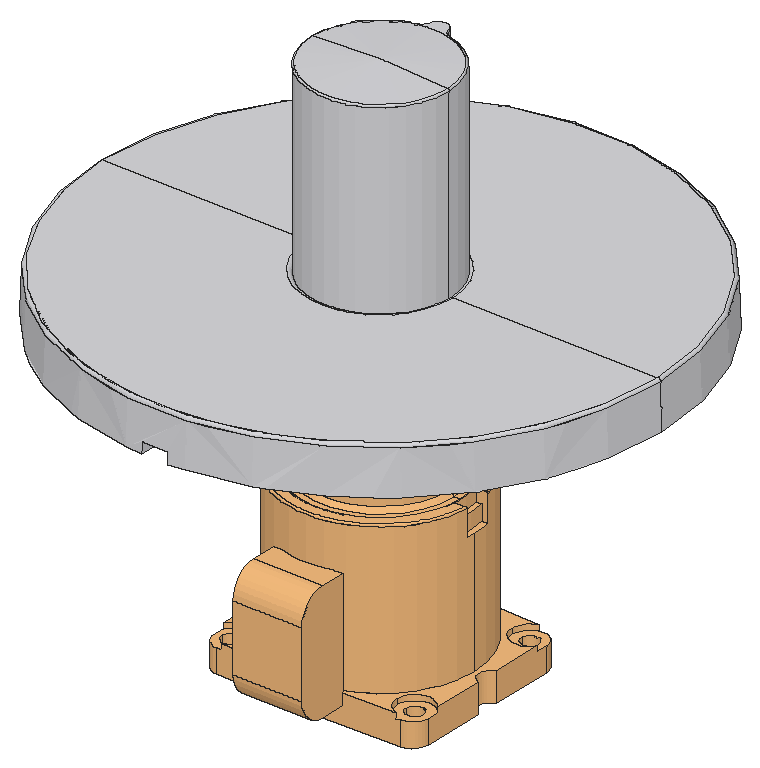
Revit family "Shower-Valve_Trim-KOHLER-MODULO-K-99896T", category Plumbing Fixtures, host Face, Revit 2017
Family settings
  Host = Face
  Round Connector Dimension = Use Diameter
  Part Type = Normal
  OmniClass Number = 23.31.25.00
  OmniClass Title = Toilet and Bath Specialties
  Cut with Voids When Loaded = No
  Shared = No
  Room Calculation Point = No
Parameters (values of type "CP-Polished Chrome")
  Width = 7 11/128"  # constant formula
  WaterSense Certified = 1 = 0  # no
  Waste Water Outlet = "Waste Water Outlet"  # constant formula
  Waste Connection = 1 = 0  # no
  Vent Connection = 1 = 0  # no
  URL = "https://www.kohler.com.cn/"
  Type = 1
  Tempered Water Outlet = "Tempered Water Outlet"  # constant formula
  Product Page URL = "https://www.kohler.com.cn/product/K-99896T-9-CP/K-99896T-9-CP/"
  Product Name = "MODULO\r"  # constant formula
  Product Documentation Link = "https://files.kohler.com.cn/pdfs/99896T%2099897T%2099955T%2099956T.pdf"
  Pressure = 0.00 psi
  Panel Thickness = 0"
  Model = "K-99896T-9-CP"  # constant formula
  Material = "Premium Metal Construction"  # constant formula
  Master Format 2014 Name = "Residential Showers"  # constant formula
  Master Format 2014 = "22 42 23"  # constant formula
  Manufacturer Address = "Kohler Beijing Office (100016)36-2-03-B, No. 88, Liuxiang Road, Beijing"  # constant formula
  Manufacturer = "KOHLER Co."  # constant formula
  Length = 2 123/128"  # constant formula
  Hot Water Inlet = "Hot Water Inlet"  # constant formula
  Height = 7 21/256"  # constant formula
  HW Connection = 1 = 1  # yes
  Flow Rate = 0 GPM
  Finish = Kohler-Metal-CP-Polished_Chrome
  Environmental Product Declaration = ""
  Drain Included = 1 = 0  # no
  Description = "Smart with three-way conversion spool and panel-modern type"  # constant formula
  Default Elevation = 42"
  Declare Label = ""
  Date Modified = "30/09/2020"  # constant formula
  Date Created = "30/09/2020"  # constant formula
  Copyright = "Copyright KOHLER Co."  # constant formula
  Contact Us = "http://www.kohler.com.cn/contact/contact-us/"
  Cold Water Inlet = "Cold Water Inlet"  # constant formula
  CW Connection = 1 = 1  # yes
  Assembly Code = "D2010700"
  ADA Compliant = 1 = 0  # no
Reference planes (in)
  plane 1 "Center (Front/Back)": y = 0
  plane 2: z = 0
  plane 3 "Center (Left/Right)": x = 0
  plane 4: z = 2.96094
  plane 5: x = -3.54331
  plane 6: x = 3.54263
  plane 7: z = 0.59055
  plane 8: y = 3.54149
  plane 9: y = -3.54054
Forms (in)
  Revolve 1, void
    sketch origin (0, 0, 0) x (1, 0, 0) y (0, 0, 1)
      loop
        line (-1.35145, -3.89318) -> (0, -3.89318) -> (0, 0.12205) -> (-0.86614, 0.12205) -> (-0.86614, -1.62795) -> (-1.19072, -1.62795) -> (-1.19072, -3.53154) -> (-1.35145, -3.53154) -> (-1.35145, -3.89318)
      axis (0, 0.12205) -> (0, -3.89318)
    angle from 0 to 360
  Extrusion 2, void
    sketch origin (0, 0, 0) x (0, 1, 0) y (0, 0, 1)
      loop
        line (-1.22577, -2.19384) -> (-1.92773, -2.19384) -> (-1.92773, -3.48949) -> (-1.22577, -3.48949) -> (-1.22577, -2.19384)
    from -2.30634 to 1.74582
Dimensions and locks (in)
  "Length": plane 4 to level
  "Width": plane 5 to plane 6
  "Height": plane 8 to plane 9
  aligned and locked: plane 2 to host face
  aligned and locked: level to host face
Automatic sketch dimensions
  host sketch curve to host sketch curve = 96"  (x2)
  Revolve 1 sketch curve to plane 3 "Center (Left/Right)" = 0"  (x2)
  Revolve 1 sketch curve to plane 3 "Center (Left/Right)" = 0.86614"
  Revolve 1 sketch curve to plane 3 "Center (Left/Right)" = 1.19072"
  Revolve 1 sketch curve to Revolve 1 sketch curve = 0.16073"
  Revolve 1 sketch curve to level = 3.89318"
  Revolve 1 sketch curve to Revolve 1 sketch curve = 0.36164"
  Revolve 1 sketch curve to level = 1.62795"
  level to Revolve 1 sketch curve = 0.12205"
  Revolve 1 sketch curve to Revolve 1 sketch curve = 0"
  Revolve 1 sketch curve to Revolve 1 sketch curve = 1"
  plane 9 to Extrusion 2 sketch curve = 1.61281"
  Extrusion 2 sketch curve to Extrusion 2 sketch curve = 0.70196"
  Extrusion 2 sketch curve to level = 3.48949"
  Extrusion 2 sketch curve to Extrusion 2 sketch curve = 1.29564"
Nested families (in)
  nested 1: "K-99896T" at (0, 0, 0), type "K-99896T"
Connectors (in)
  piping at (0.5306, 0, -3.88941), diameter 0.5, driven by "Flow Rate", driven by "CW Connection", driven by "Cold Water Inlet"
    settings: on nested 1, index 1, connector inside diameter 24", connector length 0", flow factor 0, pipe flow 0 GPM, pressure drop 0.00 psi, fitting loss kfactor 0, connector angle 0.00°, fixture units 0, engagement length 0", angle of deflection 0.00°, flow configuration 0, flow direction 1, fitting loss method 0, system type 20, joint type 0, gender type 0, connector reference index -1, connector utility 1, adjustable connector no, is connector primary yes, connector description "Cold Water Inlet"
  piping at (0, 0.43896, -3.88941), diameter 0.5, driven by "Flow Rate", driven by "HW Connection", driven by "Tempered Water Outlet"
    settings: on nested 1, index 2, connector inside diameter 24", connector length 0", flow factor 0, pipe flow 0 GPM, pressure drop 0.00 psi, fitting loss kfactor 0, connector angle 0.00°, fixture units 0, engagement length 0", angle of deflection 0.00°, flow configuration 0, flow direction 2, fitting loss method 0, system type 19, joint type 0, gender type 0, connector reference index -1, connector utility 1, adjustable connector no, is connector primary no, connector description "Tempered Water Outlet"
  piping at (0.5306, 0, -3.88941), diameter 0.5, driven by "Flow Rate", driven by "CW Connection", driven by "Cold Water Inlet"
    settings: on nested 1, index 3, connector inside diameter 24", connector length 0", flow factor 0, pipe flow 0 GPM, pressure drop 0.00 psi, fitting loss kfactor 0, connector angle 0.00°, fixture units 0, engagement length 0", angle of deflection 0.00°, flow configuration 0, flow direction 1, fitting loss method 0, system type 20, joint type 0, gender type 0, connector reference index -1, connector utility 1, adjustable connector no, is connector primary no, connector description "Cold Water Inlet"
  piping at (-0.5306, 0, -3.88941), diameter 0.5, driven by "HW Connection", driven by "Hot Water Inlet", driven by "Flow Rate"
    settings: on nested 1, index 4, connector inside diameter 24", connector length 0", flow factor 0, pipe flow 0 GPM, pressure drop 0.00 psi, fitting loss kfactor 0, connector angle 0.00°, fixture units 0, engagement length 0", angle of deflection 0.00°, flow configuration 0, flow direction 1, fitting loss method 0, system type 19, joint type 0, gender type 0, connector reference index -1, connector utility 1, adjustable connector no, is connector primary no, connector description "Hot Water Inlet"
Definition of nested family "K-99896T"
  Parameters (values of type "K-99896T")
    Material = none
  Reference planes (in)
    plane 1 "Center (Front/Back)": y = 0
    plane 2: z = 0
    plane 3 "Center (Left/Right)": x = 0
    plane 4: x = 3.54331
    plane 5: x = 0.86614
    plane 6: x = -3.54331
    plane 7: x = -0.86614
    plane 8: z = 0.59055
    plane 9: z = 2.96048
    plane 10: y = 3.54149
    plane 11: y = -3.54149
  Forms (in)
    Revolve 1, solid, material <- "Material", detail levels medium+fine
      sketch origin (0, 0, 0) x (1, 0, 0) y (0, 0, 1)
        loop
          line (0, 0) -> (3.54331, 0) -> (3.52401, 0.55256)
          arc (3.52401, 0.55256) -> (3.51201, 0.5795) -> (3.48467, 0.59055) r 0.03937
          line (3.48467, 0.59055) -> (0.92037, 0.59055)
          arc (0.92037, 0.59055) -> (0.88028, 0.57294) -> (0.86614, 0.5315) r 0.05443
          line (0.86614, 0.5315) -> (0.86614, 2.89551)
          arc (0.86614, 2.89551) -> (0.86038, 2.90943) -> (0.84646, 2.9152) r 0.01969
          arc (0.84646, 2.9152) -> (0.42386, 2.94973) -> (0, 2.96048) r 7.54539
          line (0, 2.96048) -> (0, 0)
        axis (0, 0) -> (0, 2.96048)
      angle from 0 to 360
    Extrusion 2, solid, material <- "Material", detail levels medium+fine
      sketch origin (0, 0, 0) x (1, 0, 0) y (0, 1, 0)
        loop
          arc (-0.11397, 0.93081) -> (-0.14571, 0.86641) -> (-0.20211, 0.82197) r 0.16243
          arc (-0.20211, 0.82197) -> (0, 0.84646) -> (0.20211, 0.82197) r 0.84646
          arc (0.20211, 0.82197) -> (0.14571, 0.86641) -> (0.11397, 0.93081) r 0.16243
          arc (0.11397, 0.93081) -> (0, 1.02072) -> (-0.11397, 0.93081) r 0.11719
      from 1.75117 to 2.9152
    Extrusion 3, void
      sketch origin (0, 0, 0) x (1, 0, 0) y (0, 0, 1)
        loop
          line (-0.15748, 0.1378) -> (-0.1647, 0) -> (0.1647, 0) -> (0.15748, 0.1378) -> (-0.15748, 0.1378)
      from 2.78328 to 4.43553
    Revolve 4, void
      sketch origin (0, 0, 0) x (1, 0, 0) y (0, 0, 1)
        loop
          line (-0.86614, 0) -> (0, 0) -> (0, 1.18047) -> (-0.31958, 1.18047) -> (-0.31958, 0.88315) -> (-0.67231, 0.88315) -> (-0.71927, 0.83619) -> (-0.71927, 0.4747) -> (-0.86614, 0.4747) -> (-0.86614, 0)
        axis (0, 0) -> (0, 1.18047)
      angle from 0 to 360
    Revolve 5, solid, material <- "Material", detail levels coarse
      sketch origin (0, 0, 0) x (1, 0, 0) y (0, 0, 1)
        loop
          line (0, 0) -> (0, 2.95276) -> (-0.86614, 2.95276) -> (-0.86614, 0.59055) -> (-3.54331, 0.59055) -> (-3.54331, 0) -> (0, 0)
        axis (0, 0) -> (0, 2.95276)
      angle from 0 to 360
  Cuts and joins
    Extrusion 3, Revolve 4 cuts Revolve 1
    Revolve 4 cuts Extrusion 2
    joined: Revolve 1, Extrusion 2
  Lines and regions (in)
    Masking region 1
      outline origin (0, 0, 0) x (1, 0, 0) y (0, 0, 1)
        loop
          line (-3.54331, 0) -> (3.54331, 0) -> (3.5252, 0.55097)
          arc (3.5252, 0.55097) -> (3.513, 0.5788) -> (3.48498, 0.59055) r 0.04094
          line (3.48498, 0.59055) -> (0.86614, 0.59055) -> (0.86614, 2.89337)
          arc (0.86614, 2.89337) -> (0.86049, 2.90806) -> (0.84646, 2.9152) r 0.02194
          arc (0.84646, 2.9152) -> (0.67978, 2.93102) -> (0.51286, 2.94402) r 9.857
          arc (0.51286, 2.94402) -> (0.25658, 2.957) -> (0, 2.96048) r 6.91639
          arc (0, 2.96048) -> (-0.25658, 2.957) -> (-0.51286, 2.94402) r 6.91639
          arc (-0.51286, 2.94402) -> (-0.67978, 2.93102) -> (-0.84646, 2.9152) r 9.857
          arc (-0.84646, 2.9152) -> (-0.86049, 2.90806) -> (-0.86614, 2.89337) r 0.02194
          line (-0.86614, 2.89337) -> (-0.86614, 0.59055) -> (-3.48498, 0.59055)
          arc (-3.48498, 0.59055) -> (-3.513, 0.5788) -> (-3.5252, 0.55097) r 0.04094
          line (-3.5252, 0.55097) -> (-3.54331, 0)
    Masking region 2
      outline origin (0, 0.00201, 0) x (0, 1, 0) y (0, 0, 1)
        loop
          line (-3.53948, 0) -> (3.53948, 0) -> (3.52518, 0.54896)
          arc (3.52518, 0.54896) -> (3.51484, 0.576) -> (3.48981, 0.59055) r 0.04348
          line (3.48981, 0.59055) -> (0.86402, 0.59055) -> (0.86402, 1.75117) -> (1.01882, 1.75117) -> (1.01882, 2.91734) -> (0.82197, 2.91734) -> (0.57354, 2.93907)
          arc (0.57354, 2.93907) -> (0.28704, 2.95694) -> (0, 2.96048) r 5.74595
          arc (0, 2.96048) -> (-0.28704, 2.95694) -> (-0.57354, 2.93907) r 5.74595
          line (-0.57354, 2.93907) -> (-0.84646, 2.9152)
          arc (-0.84646, 2.9152) -> (-0.86075, 2.90729) -> (-0.86643, 2.89196) r 0.02347
          line (-0.86643, 2.89196) -> (-0.86402, 0.59055) -> (-3.48981, 0.59055)
          arc (-3.48981, 0.59055) -> (-3.51484, 0.576) -> (-3.52518, 0.54896) r 0.04348
          line (-3.52518, 0.54896) -> (-3.53948, 0)
    Masking region 3
      outline origin (0, 0, 0) x (1, 0, 0) y (0, 1, 0)
        loop
          circle (0, 0) r 3.54331
    symbolic lines, detail levels medium+fine
      curve 1: circle (0, 0, 0) r 0.84646 normal (0, 0, 1)
      curve 2: arc (-0.11397, 0.93081, 0) -> (-0.14571, 0.86641, 0) -> (-0.20211, 0.82197, 0) r 0.16243
      curve 3: arc (0.11397, 0.93081, 0) -> (0, 1.02072, 0) -> (-0.11397, 0.93081, 0) r 0.11719
      curve 4: arc (0.20211, 0.82197, 0) -> (0.14571, 0.86641, 0) -> (0.11397, 0.93081, 0) r 0.16243
      curve 5: arc (-0.1596, 0.85131, 0) -> (0, -0.86614, 0) -> (0.1596, 0.85131, 0) r 0.86614
      curve 6: line (-0.84646, 0, 2.9152) -> (0.84646, 0, 2.9152)
      curve 7: spline (0.1596, 0, 2.89726) -> (0.16079, 0, 2.89954) -> (0.16214, 0, 2.90169) -> (0.16364, 0, 2.90373) -> (0.1653, 0, 2.90563) -> (0.1671, 0, 2.90739) -> (0.16904, 0, 2.909) -> (0.1711, 0, 2.91046) -> (0.17329, 0, 2.91175) -> (0.17557, 0, 2.91288) -> (0.17796, 0, 2.91383) -> (0.18043, 0, 2.9146) -> (0.18298, 0, 2.9152)
      curve 8: line (0.1596, 0, 1.75117) -> (0.1596, 0, 2.89726)
      curve 9: spline (-0.19796, 0, 2.9152) -> (-0.19658, 0, 2.91555) -> (-0.1952, 0, 2.91583) -> (-0.1938, 0, 2.91605) -> (-0.19241, 0, 2.91621) -> (-0.19101, 0, 2.91631) -> (-0.18961, 0, 2.91634) -> (-0.18821, 0, 2.91631) -> (-0.18682, 0, 2.91621) -> (-0.18543, 0, 2.91605) -> (-0.18405, 0, 2.91583) -> (-0.18267, 0, 2.91555) -> (-0.18131, 0, 2.9152)
      curve 10: line (-0.1596, 0, 2.89726) -> (-0.1596, 0, 1.75117)
      curve 11: line (-0.1596, 0, 1.75117) -> (0.1596, 0, 1.75117)
      curve 12: line (0.86614, 0, 0.59055) -> (-0.86614, 0, 0.59055)
      curve 13: spline (-0.1596, 0, 2.89726) -> (-0.16079, 0, 2.89954) -> (-0.16214, 0, 2.90169) -> (-0.16364, 0, 2.90373) -> (-0.1653, 0, 2.90563) -> (-0.1671, 0, 2.90739) -> (-0.16904, 0, 2.909) -> (-0.1711, 0, 2.91046) -> (-0.17329, 0, 2.91175) -> (-0.17557, 0, 2.91288) -> (-0.17796, 0, 2.91383) -> (-0.18043, 0, 2.9146) -> (-0.18298, 0, 2.9152)
      curve 14: line (0.11397, 0, 2.9152) -> (0.11397, 0, 1.75117)
      curve 15: line (-0.11397, 0, 2.9152) -> (-0.11397, 0, 1.75117)
      curve 16: arc (0.11397, 0.93081, 0) -> (0, -0.93776, 0) -> (-0.11397, 0.93081, 0) r 0.93776
      curve 17: line (0, -0.86402, 0.59055) -> (0, 0.86402, 0.59055)
      curve 18: line (0, -0.84646, 2.9152) -> (0, 0.82197, 2.9152)
      curve 19: line (0, 0.89106, 1.75117) -> (0, 0.85131, 1.75117)
      curve 20: line (0, 0.85131, 1.75117) -> (0, 0.85131, 2.89551)
      curve 21: arc (0, 0.85131, 2.89551) -> (0, 0.84189, 2.91318) -> (0, 0.82197, 2.9152) r 0.02127
  Dimensions and locks (in)
    plane 9 to level = 2.96048"
    aligned and locked: plane 2 to level
  Nested families (in)
    nested 1: "K-99896T_Valve" at (0, 0, -3.88941) x (-1, 0, 0) z (0, 0, 1), type "K-99896T_Valve"
  Definition of nested family "K-99896T_Valve"
    Parameters (values of type "K-99896T_Valve")
      Material = none
      Default Elevation = 48"
    Reference planes (in)
      plane 1 "Center (Front/Back)": y = 0
      plane 2: z = 0
      plane 3 "Center (Left/Right)": x = 0
      plane 4: x = -0.5306
      plane 5: x = 0.5306
    Forms (in)
      Extrusion 1, solid, detail levels medium+fine
        sketch origin (0, 0, 0) x (1, 0, 0) y (0, 1, 0)
          loop
            arc (-1.34843, 0.14959) -> (-1.24364, 0) -> (-1.34843, -0.14959) r 0.15917
            line (-1.34843, -0.14959) -> (-1.34843, -0.92555)
            arc (-1.34843, -0.92555) -> (-1.29318, -1.0623) -> (-1.15844, -1.12228) r 0.19685
            line (-1.15844, -1.12228) -> (0, -1.16274) -> (1.15844, -1.12228)
            arc (1.15844, -1.12228) -> (1.29318, -1.0623) -> (1.34843, -0.92555) r 0.19685
            line (1.34843, -0.92555) -> (1.34843, -0.14959)
            arc (1.34843, -0.14959) -> (1.24364, 0) -> (1.34843, 0.14959) r 0.15917
            line (1.34843, 0.14959) -> (1.34843, 0.92555)
            arc (1.34843, 0.92555) -> (1.29318, 1.0623) -> (1.15844, 1.12228) r 0.19685
            line (1.15844, 1.12228) -> (0, 1.16274) -> (-1.15844, 1.12228)
            arc (-1.15844, 1.12228) -> (-1.29318, 1.0623) -> (-1.34843, 0.92555) r 0.19685
            line (-1.34843, 0.92555) -> (-1.34843, 0.14959)
          loop
            circle (1.15984, 0.90584) r 0.1095
          loop
            circle (-1.15984, 0.90584) r 0.1095
          loop
            circle (1.15984, -0.90584) r 0.1095
          loop
            circle (-1.15984, -0.90584) r 0.1095
        from 0 to 0.35992
      Revolve 2, solid, detail levels medium+fine
        sketch origin (0, 0, 0) x (1, 0, 0) y (0, 0, 1)
          loop
            line (1.17868, 0.35992) -> (1.17868, 2.2336)
            arc (1.17868, 2.2336) -> (1.17357, 2.24798) -> (1.16053, 2.25591) r 0.02278
            line (1.16053, 2.25591) -> (1.02816, 2.25591) -> (1.00005, 2.23622) -> (0.92014, 2.23622) -> (0.86515, 2.2912) -> (0.86515, 4.36166) -> (0.7213, 4.36166) -> (0.7213, 4.49508) -> (0, 4.49508) -> (0, 0.35992) -> (1.17868, 0.35992)
          axis (0, 4.49508) -> (0, 0.35992)
        angle from 0 to 360
      Extrusion 3, solid
        sketch origin (0, 0, 0) x (1, 0, 0) y (0, 1, 0)
          loop
            line (-0.34387, 0.62795) -> (-0.37134, 0.61273) -> (-0.71604, 0.01568) -> (-0.71604, -0.01568) -> (-0.37134, -0.61273) -> (-0.34387, -0.62795) -> (0.34387, -0.62795) -> (0.37134, -0.61273) -> (0.71604, -0.01568) -> (0.71604, 0.01568) -> (0.37134, 0.61273) -> (0.34387, 0.62795) -> (-0.34387, 0.62795)
        from 4.49508 to 4.77337
      Revolve 4, void
        sketch origin (0, 0, 0) x (1, 0, 0) y (0, 0, 1)
          loop
            line (0.63956, 4.7836) -> (0.75749, 4.70405) -> (0.75749, 4.7836) -> (0.63956, 4.7836)
          axis (0, 4.70405) -> (0, 4.7836)
        angle from 0 to 360
      Revolve 5, solid
        sketch origin (0, 0, 0) x (1, 0, 0) y (0, 0, 1)
          loop
            line (0.28543, 5.06988) -> (0.17637, 5.06988) -> (0.1479, 5.0566) -> (0.1479, 5.00865) -> (0.17637, 4.99508) -> (0.27628, 4.99508) -> (0.27628, 4.77337) -> (0.32537, 4.77337) -> (0.32537, 5.02994) -> (0.28543, 5.06988)
          axis (0, 4.77337) -> (0, 5.06988)
        angle from 0 to 360
      Extrusion 6, solid, detail levels medium+fine
        sketch origin (0, 0, 0) x (0, 1, 0) y (0, 0, 1)
          loop
            arc (1.77431, 1.37089) -> (1.67921, 1.60047) -> (1.44963, 1.69557) r 0.32467
            line (1.44963, 1.69557) -> (1.13354, 1.69557) -> (1.13354, 0.21388) -> (1.45147, 0.21388)
            arc (1.45147, 0.21388) -> (1.67975, 0.30844) -> (1.77431, 0.53672) r 0.32283
            line (1.77431, 0.53672) -> (1.77431, 1.37089)
        from -0.43307 to 0.43307
      Extrusion 7, void
        sketch origin (0, 0, 0) x (1, 0, 0) y (0, 1, 0)
          loop
            circle (1.15984, -0.90584) r 0.22758
          loop
            circle (1.15984, 0.90584) r 0.22758
          loop
            circle (-1.15984, -0.90584) r 0.22758
          loop
            circle (-1.15984, 0.90584) r 0.22758
        from 0.29528 to 0.46406
      Extrusion 8, void
        sketch origin (0, 0, 0) x (1, 0, 0) y (0, 1, 0)
          loop
            line (1.18929, 0.11024) -> (1.02224, 0.11024)
            arc (1.02224, 0.11024) -> (1.02549, -0.07402) -> (0.99581, -0.25591) r 1.02816
            line (0.99581, -0.25591) -> (1.18929, -0.25591) -> (1.18929, 0.11024)
          loop
            line (-1.18929, 0.11024) -> (-1.18929, -0.25591) -> (-0.99581, -0.25591)
            arc (-0.99581, -0.25591) -> (-1.02549, -0.07402) -> (-1.02224, 0.11024) r 1.02816
            line (-1.02224, 0.11024) -> (-1.18929, 0.11024)
        from 1.90551 to 2.46236
      Extrusion 9, solid, detail levels medium+fine
        sketch origin (0, 0, 0) x (1, 0, 0) y (0, 1, 0)
          loop
            arc (1.02049, 0.12534) -> (1.02601, -0.06644) -> (0.99581, -0.25591) r 1.02816
            line (0.99581, -0.25591) -> (1.07004, -0.25591)
            arc (1.07004, -0.25591) -> (1.09591, -0.06616) -> (1.09357, 0.12534) r 1.29728
            line (1.09357, 0.12534) -> (1.02049, 0.12534)
          loop
            line (-1.02224, 0.11024) -> (-1.09478, 0.11024)
            arc (-1.09478, 0.11024) -> (-1.09481, -0.0824) -> (-1.0663, -0.27291) r 1.29728
            line (-1.0663, -0.27291) -> (-0.99128, -0.27291)
            arc (-0.99128, -0.27291) -> (-1.02482, -0.0828) -> (-1.02224, 0.11024) r 1.02816
        from 1.90551 to 2.0935
      Revolve 10, solid, detail levels coarse
        sketch origin (0, 0, 0) x (1, 0, 0) y (0, 0, 1)
          loop
            line (-1.15844, 0.35992) -> (-1.3553, 0.35992) -> (-1.3553, 0) -> (0.00541, 0) -> (0.00541, 5.06988) -> (-0.2746, 5.06988) -> (-0.2746, 3.88878) -> (-0.86515, 3.88878) -> (-0.86515, 2.25032) -> (-1.15844, 2.25032) -> (-1.15844, 0.35992)
          axis (0.00541, 0) -> (0.00541, 5.06988)
        angle from 0 to 360
      Extrusion 11, solid, detail levels medium+fine
        sketch origin (0, 0, 0) x (1, 0, 0) y (0, 1, 0)
          loop
            circle (-0.5306, 0) r 0.03937
          loop
            circle (0, -0.43896) r 0.03937
          loop
            circle (0.5306, 0) r 0.03937
        from 0 to 0.05534
    Cuts and joins
      Revolve 4 cuts Extrusion 3
      joined: Extrusion 3, Revolve 5
      Extrusion 7 cuts Extrusion 1
      Extrusion 8 cuts Revolve 2
      joined: Extrusion 1, Revolve 2, Extrusion 6, Extrusion 9
    Lines and regions (in)
      Masking region 1, detail levels medium+fine
        outline origin (0, 0, 0) x (1, 0, 0) y (0, 0, 1)
          loop
            line (-1.34843, 0) -> (1.34843, 0) -> (1.34843, 0.35992) -> (1.24832, 0.35992)
            arc (1.24832, 0.35992) -> (1.19909, 0.38031) -> (1.1787, 0.42954) r 0.06962
            line (1.1787, 0.42954) -> (1.1787, 1.87297) -> (1.17352, 1.90568) -> (1.17352, 2.2336)
            arc (1.17352, 2.2336) -> (1.16837, 2.248) -> (1.15528, 2.25591) r 0.0228
            line (1.15528, 2.25591) -> (0.90045, 2.25591) -> (0.86515, 2.2912) -> (0.86515, 3.88878) -> (-0.86515, 3.88878) -> (-0.86515, 2.2912) -> (-0.90045, 2.25591) -> (-1.15528, 2.25591)
            arc (-1.15528, 2.25591) -> (-1.16837, 2.248) -> (-1.17352, 2.2336) r 0.0228
            line (-1.17352, 2.2336) -> (-1.17352, 1.90568) -> (-1.1787, 1.87297) -> (-1.1787, 0.42954)
            arc (-1.1787, 0.42954) -> (-1.19909, 0.38031) -> (-1.24832, 0.35992) r 0.06962
            line (-1.24832, 0.35992) -> (-1.34843, 0.35992) -> (-1.34843, 0)
      Masking region 2
        outline origin (0, 0, 0) x (0, 1, 0) y (0, 0, 1)
          loop
            line (-1.16274, 0) -> (1.16274, 0) -> (1.16274, 0.21388) -> (1.45147, 0.21388)
            arc (1.45147, 0.21388) -> (1.67975, 0.30844) -> (1.77431, 0.53672) r 0.32283
            line (1.77431, 0.53672) -> (1.77431, 1.37089)
            arc (1.77431, 1.37089) -> (1.67921, 1.60047) -> (1.44963, 1.69557) r 0.32467
            line (1.44963, 1.69557) -> (1.17874, 1.69557) -> (1.17874, 2.23548)
            arc (1.17874, 2.23548) -> (1.17276, 2.24992) -> (1.15832, 2.25591) r 0.02042
            line (1.15832, 2.25591) -> (0.89929, 2.25591) -> (0.86602, 2.28933) -> (0.86602, 3.88593) -> (-0.86602, 3.88593) -> (-0.86602, 2.28933) -> (-0.89929, 2.25591) -> (-1.15832, 2.25591)
            arc (-1.15832, 2.25591) -> (-1.17276, 2.24992) -> (-1.17874, 2.23548) r 0.02042
            line (-1.17874, 2.23548) -> (-1.17874, 0.35983) -> (-1.16274, 0.33211) -> (-1.16274, 0)
      Masking region 3
        outline origin (0, 0, 0) x (1, 0, 0) y (0, 1, 0)
          loop
            line (-1.34843, 0.92555) -> (-1.34843, 0.14959)
            arc (-1.34843, 0.14959) -> (-1.24364, 0) -> (-1.34843, -0.14959) r 0.15917
            line (-1.34843, -0.14959) -> (-1.34843, -0.92555)
            arc (-1.34843, -0.92555) -> (-1.29318, -1.0623) -> (-1.15844, -1.12228) r 0.19685
            line (-1.15844, -1.12228) -> (0, -1.16274) -> (1.15844, -1.12228)
            arc (1.15844, -1.12228) -> (1.29318, -1.0623) -> (1.34843, -0.92555) r 0.19685
            line (1.34843, -0.92555) -> (1.34843, -0.14959)
            arc (1.34843, -0.14959) -> (1.24364, 0) -> (1.34843, 0.14959) r 0.15917
            line (1.34843, 0.14959) -> (1.34843, 0.92555)
            arc (1.34843, 0.92555) -> (1.29318, 1.0623) -> (1.15844, 1.12228) r 0.19685
            line (1.15844, 1.12228) -> (0.43307, 1.14761) -> (0.43307, 1.77431) -> (-0.43307, 1.77431) -> (-0.43307, 1.14761) -> (-1.15844, 1.12228)
            arc (-1.15844, 1.12228) -> (-1.29318, 1.0623) -> (-1.34843, 0.92555) r 0.19685
      symbolic lines, detail levels medium+fine
        curve 1: line (0, -0.86515, 2.2912) -> (0, 0.86515, 2.2912)
        curve 2: line (0, -0.89929, 2.25591) -> (0, 0.89929, 2.25591)
        curve 3: line (0, 1.17868, 1.69557) -> (0, 1.13354, 1.69557)
        curve 4: line (0, 1.13354, 1.69557) -> (0, 1.13354, 0.35992)
        curve 5: line (0, 1.13354, 0.35992) -> (0, 1.14761, 0.30739)
        curve 6: line (0, 1.14761, 0.30739) -> (0, 1.14761, 0.21388)
        curve 7: line (0, 1.14761, 0.21388) -> (0, 1.19555, 0.21388)
        curve 8: line (0, 1.14761, 0.35992) -> (0, -1.15443, 0.35992)
        curve 9: line (0, 1.12444, 0.35992) -> (0, 1.12444, 0.29528)
        curve 10: line (0, 1.12444, 0.29528) -> (0, 0.67827, 0.29528)
        curve 11: line (0, 0.67827, 0.29528) -> (0, 0.67827, 0.35992)
        curve 12: line (0, -0.14959, 0.35992) -> (0, -0.14959, 0)
        curve 13: line (0, 0.14959, 0.35992) -> (0, 0.14959, 0)
        curve 14: line (0, -1.12228, 0.29528) -> (0, -0.67827, 0.29528)
        curve 15: line (0, -0.67827, 0.29528) -> (0, -0.67827, 0.35992)
        curve 16: line (0, -1.12228, 0.29528) -> (0, -1.12228, 0.35992)
        curve 17: line (0, -0.25591, 2.25591) -> (0, -0.25591, 1.90551)
        curve 18: line (0, -0.25591, 1.90551) -> (0, 0.11024, 1.90551)
        curve 19: line (0, 0.11024, 1.90551) -> (0, 0.11024, 2.25591)
        curve 20: line (0, 0.11024, 2.0935) -> (0, -0.25591, 2.0935)
        curve 21: line (0, 1.14761, 0.35992) -> (0, 1.14761, 0.30739)
        curve 22: line (0.86515, 0, 2.2912) -> (-0.86515, 0, 2.2912)
        curve 23: line (0.90045, 0, 2.25591) -> (-0.90045, 0, 2.25591)
        curve 24: line (0.43307, 0, 1.69557) -> (-0.43307, 0, 1.69557)
        curve 25: line (0.43307, 0, 0.21388) -> (0.43307, 0, 1.69557)
        curve 26: line (-0.43307, 0, 1.69557) -> (-0.43307, 0, 0.21388)
        curve 27: line (-0.43307, 0, 0.21388) -> (0.43307, 0, 0.21388)
        curve 28: line (1.24832, 0, 0.35992) -> (0.43307, 0, 0.35992)
        curve 29: line (0.93226, 0, 0.29528) -> (0.93226, 0, 0.35992)
        curve 30: line (0.93226, 0, 0.29528) -> (1.34843, 0, 0.29528)
        curve 31: line (-0.93226, 0, 0.35992) -> (-0.93226, 0, 0.29528)
        curve 32: line (-0.93226, 0, 0.29528) -> (-1.34843, 0, 0.29528)
        curve 33: line (-0.43307, 0, 0.35992) -> (-1.24364, 0, 0.35992)
      symbolic lines, detail levels coarse
        curve 34: line (0.38353, 0, 2.03467) -> (0.38353, 0, 1.72296)
        curve 35: line (0.16566, 0, 1.09647) -> (-0.16417, 0, 1.09647)
        curve 36: arc (-0.16417, 0, 1.09647) -> (0.00075, 0, 0.96931) -> (0.16566, 0, 1.09647) r 0.17052
        curve 37: line (-0.38353, 0, 1.72296) -> (0.38353, 0, 2.03467)
        curve 38: line (0.38353, 0, 1.72296) -> (-0.38353, 0, 2.03467)
        curve 39: line (-0.38353, 0, 2.03467) -> (-0.38353, 0, 1.72296)
        curve 40: line (0, 0, 1.87882) -> (0, 0, 1.09647)
    Dimensions and locks (in)
      aligned and locked: plane 2 to level
